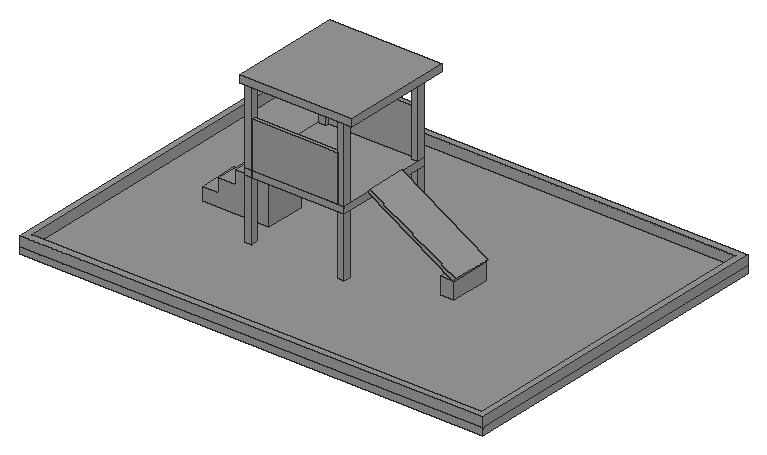
Revit family "Modular Tower Slide", category Generic Models, Revit 2025
Family settings
  Can host rebar = No
  Round Connector Dimension = Use Diameter
  Part Type = Normal
  Work Plane-Based = No
  Always vertical = Yes
  Cut with Voids When Loaded = No
  Maintain Annotation Orientation = No
  Shared = No
  Room Calculation Point = No
Parameters
  Default Elevation = 0 mm
Reference planes
  plane 1 "Center (Front/Back)": y = 0
  plane 2: z = 0
  plane 3 "Center (Left/Right)": x = 0
Forms (mm)
  Extrusion 1, solid, material "Grass"
    sketch origin (0, 0, 0) x (1, 0, 0) y (0, 1, 0)
      loop
        line (0, 2500) -> (0, -2500) -> (7000, -2500) -> (7000, 2500) -> (0, 2500)
    from 0 to 100
  Extrusion 2, solid, material "Brick, Common, Brown"
    sketch origin (0, 0, 0) x (1, 0, 0) y (0, 1, 0)
      loop
        line (0, 2500) -> (0, -2500) -> (7000, -2500) -> (7000, 2500) -> (0, 2500)
      loop
        line (6900, -2400) -> (6900, 2400) -> (100, 2400) -> (100, -2400) -> (6900, -2400)
    from 0 to 250
  Extrusion 3, solid, material "deck"
    sketch origin (0, 0, 0) x (1, 0, 0) y (0, 1, 0)
      loop
        line (2000, 750) -> (2000, -750) -> (3500, -750) -> (3500, 750) -> (2000, 750)
    from 1000 to 1100
  Extrusion 4, solid, material "supports"
    sketch origin (0, 0, 0) x (1, 0, 0) y (0, 1, 0)
      loop
        line (2000, 750) -> (2000, 650) -> (2100, 650) -> (2100, 750) -> (2000, 750)
      loop
        line (3400, 750) -> (3400, 650) -> (3500, 650) -> (3500, 750) -> (3400, 750)
      loop
        line (2000, -650) -> (2000, -750) -> (2100, -750) -> (2100, -650) -> (2000, -650)
      loop
        line (3400, -650) -> (3400, -750) -> (3500, -750) -> (3500, -650) -> (3400, -650)
    from 100 to 2300
  Extrusion 5, solid, material "sides"
    sketch origin (0, 0, 0) x (1, 0, 0) y (0, 1, 0)
      loop
        line (2100, 750) -> (2100, 700) -> (3400, 700) -> (3400, 750) -> (2100, 750)
      loop
        line (2100, -700) -> (2100, -750) -> (3400, -750) -> (3400, -700) -> (2100, -700)
    from 1100 to 1800
  Extrusion 6, solid, material "deck"
    sketch origin (0, 0, 0) x (1, 0, 0) y (0, 1, 0)
      loop
        line (2000, 850) -> (2000, -850) -> (3700, -850) -> (3700, 850) -> (2000, 850)
    from 2300 to 2400
  Extrusion 7, solid, material "stairs"
    sketch origin (0, 0, 0) x (1, 0, 0) y (0, 0, 1)
      loop
        line (2000, 100) -> (2000, 900) -> (1750, 900) -> (1750, 700) -> (1500, 700) -> (1500, 500) -> (1250, 500) -> (1250, 300) -> (1000, 300) -> (1000, 100) -> (2000, 100)
    from -300 to 300
  Extrusion 8, solid, material "slider"
    sketch origin (0, 0, 100) x (1, 0, 0) y (0, 0, 1)
      loop
        line (3525, 1043.301) -> (3500, 1000) -> (4799.038, 250) -> (4824.038, 293.301) -> (3525, 1043.301)
    from -300 to 300
  Extrusion 9, solid, material "sides"
    sketch origin (-225, 0, 0) x (1, 0, 0) y (0, 1, 0)
      loop
        line (4824.038, 300) -> (4824.038, -300) -> (5024.038, -300) -> (5024.038, 300) -> (4824.038, 300)
    from 100 to 350
Dimensions and locks
  aligned and locked: level to plane 2
